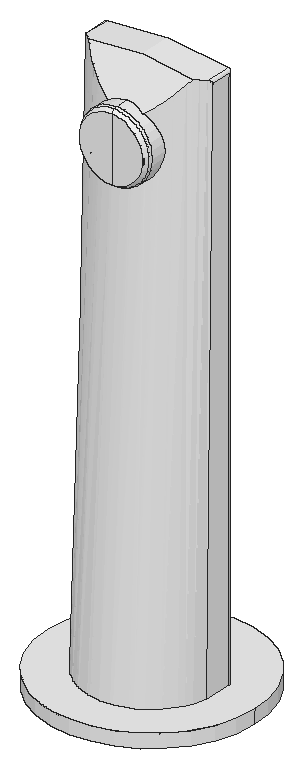
Revit family "Spout-GROHE-Lineare-13381_Series", category Plumbing Fixtures, host Face, Revit 2014
Parameters (values of type "13381001")
  Width = 2 3/4"  # constant formula
  Waste Connection = no
  Warranty Documentation Link = "https://cdn.cloud.grohe.com/tpi/1000/1900/1940/1949/1949006/original/1949006.pdf"
  Vent Connection = no
  URL = "https://www.grohe.us"
  Type Comments = ""
  Tempered Connection Radius = Tempered Connection Diameter / 2  # 1/4"
  Tempered Connection Diameter = Hot Water Connection Diameter  # 1/2"
  Product Page URL = "https://www.grohe.us/en_us/lineare-tub-spout-13381001.html"
  Price = "Prices may vary. Please consult Manufacturer Representative for most up-to-date price list."  # constant formula
  Model = "13381001"
  Material = "Metal-Grohe-001-Chrome"
  Manufacturer = "Grohe"
  Length = 6 11/16"  # constant formula
  Installation Type = "Wall Mounted"
  Hot Water Connection Radius = Hot Water Connection Diameter / 2  # 1/4"
  Hot Water Connection Diameter = Cold Water Connection Diameter  # 1/2"
  Height = 2 3/4"  # constant formula
  Flow Rate = ""
  Finish = Metal-Grohe-001-Chrome
  Description = "Lineare Tub Spout"
  Default Elevation = 21"  # constant formula
  Creation Date = "05/28/2018"  # constant formula
  Cold Water Connection Radius = 1/4"  # constant formula
  Cold Water Connection Diameter = Cold Water Connection Radius * 2  # 1/2"
  Assembly Code = "D2020300"
Types (3): name | Product Page URL | Model | Material | Finish | Description
  (no name) | "https://www.grohe.us/en_us/lineare-tub-spout-13381001.html" | "13381001" | "Metal-Grohe-001-Chrome" | Metal-Grohe-001-Chrome | "Lineare Tub Spout"
  13381001 | "https://www.grohe.us/en_us/lineare-tub-spout-13381001.html" | "13381001" | "Metal-Grohe-001-Chrome" | Metal-Grohe-001-Chrome | "Lineare Tub Spout"
  13381EN1 | "https://www.grohe.us/en_us/lineare-tub-spout-13381EN1.html" | "13381EN1" | "Metal-Grohe-EN1-Brushed Nickel" | Metal-Grohe-EN1-Brushed Nickel | "Lineare Diverter Tub Spout"
Reference planes (in)
  plane 1 "Center (Front/Back)": y = 0
  plane 2: z = 0
  plane 3 "Center (Left/Right)": x = 0
  plane 4: x = 1.375
  plane 5: x = -1.375
  plane 6: x = 0.83129
  plane 7: z = 4.4375
  plane 8: z = 5.81405
  plane 9: y = 0.15953
  plane 10: z = 6.6875
  plane 11: y = -1.07744
  plane 12: y = 1.67256
  plane 13: y = 0.56858
  plane 14: y = -0.57744
  plane 15: y = -0.10912
  plane 16: y = 0.15953
  plane 17: z = 7.6004
Forms (in)
  Extrusion 1, void
    sketch origin (0, 0.01591, 1.79009) x (1, 0, 0) y (0, 0, 1)
      loop
        arc (0.8074, 5.7391) -> (0.83519, 5.72302) -> (0.84616, 5.69284) r 0.04698
        line (0.84616, 5.69284) -> (0.84616, 5.48204) -> (0.93803, 5.48204) -> (0.93803, 6.29264) -> (-0.9597, 6.29264) -> (-0.9597, 5.48204) -> (-0.84616, 5.48204) -> (-0.84616, 5.69293)
        arc (-0.84616, 5.69293) -> (-0.83521, 5.72304) -> (-0.80749, 5.73908) r 0.04688
        arc (-0.80749, 5.73908) -> (-0.00005, 5.81031) -> (0.8074, 5.7391) r 4.61299
    from -0.84357 to 0.93159
  Revolve 2, solid, material "Metal-Grohe-001-Chrome" <- "Finish"
    sketch origin (0, 0, -0.00541) x (0, 1, 0) y (0, 0, 1)
      loop
        line (-0.01466, 6.69291) -> (-0.01466, 7.16176) -> (-0.27945, 7.16176)
        arc (-0.27945, 7.16176) -> (-0.29973, 7.15909) -> (-0.31863, 7.15126) r 0.07836
        line (-0.31863, 7.15126) -> (-0.37509, 7.11866) -> (-0.37509, 6.69291) -> (-0.01466, 6.69291)
      axis (-0.01466, 6.69291) -> (-0.37509, 6.69291)
    angle from 0 to 360
  Extrusion 3, solid, material "Metal-Grohe-001-Chrome" <- "Finish"
    sketch origin (0, 0.13803, 0) x (1, 0, 0) y (0, 1, 0)
      loop
        circle (0, 0.15953) r 1.375
    from 0 to 0.18028
  Blend 4, solid, material "Metal-Grohe-001-Chrome" <- "Finish"
    base sketch origin (0, 0, 0) x (1, 0, 0) y (0, 1, 0)
      loop
        arc (-0.80982, 0.56858) -> (-0.83551, 0.55794) -> (-0.84616, 0.53225) r 0.03633
        line (-0.84616, 0.53225) -> (-0.84616, 0.15953)
        arc (-0.84616, 0.15953) -> (0, -0.57462) -> (0.84616, 0.15953) r 0.8547
        line (0.84616, 0.15953) -> (0.84616, 0.53225)
        arc (0.84616, 0.53225) -> (0.83551, 0.55794) -> (0.80982, 0.56858) r 0.03633
        line (0.80982, 0.56858) -> (-0.80982, 0.56858)
    top sketch origin (0, 0, 0) x (1, 0, 0) y (0, 1, 0)
      loop
        line (-0.84616, 0.53225) -> (-0.84616, 0.2696)
        arc (-0.84616, 0.2696) -> (0, -0.10912) -> (0.84616, 0.2696) r 1.13463
        line (0.84616, 0.2696) -> (0.84616, 0.53225)
        arc (0.84616, 0.53225) -> (0.83551, 0.55794) -> (0.80982, 0.56858) r 0.03633
        line (0.80982, 0.56858) -> (-0.80982, 0.56858)
        arc (-0.80982, 0.56858) -> (-0.83551, 0.55794) -> (-0.84616, 0.53225) r 0.03633
    from 0 to 8.04684
  Extrusion 5, void
    sketch origin (0, 0, 0) x (0, 1, 0) y (0, 0, 1)
      loop
        line (0.22454, 7.70224) -> (-0.42083, 7.67911) -> (-0.42083, 5.92911)
        arc (-0.42083, 5.92911) -> (-0.23197, 6.86439) -> (0.22454, 7.70224) r 3.1962
    from -1.69686 to 1.85719
Cuts and joins
  Extrusion 1, Extrusion 5 cuts Blend 4
  joined: Revolve 2, Extrusion 3, Blend 4
Lines and regions (in)
  Masking region 1
    outline origin (0, 0, 0) x (1, 0, 0) y (0, 0, 1)
      loop
        line (-1.375, 0) -> (1.375, 0) -> (1.375, 0.18028) -> (0.84616, 0.18028) -> (0.84616, 7.48294)
        arc (0.84616, 7.48294) -> (0.83519, 7.51311) -> (0.8074, 7.52919) r 0.04698
        arc (0.8074, 7.52919) -> (-0.00005, 7.6004) -> (-0.80749, 7.52918) r 4.61299
        arc (-0.80749, 7.52918) -> (-0.83521, 7.51313) -> (-0.84616, 7.48303) r 0.04688
        line (-0.84616, 7.48303) -> (-0.84616, 0.18028) -> (-1.375, 0.18028) -> (-1.375, 0)
  symbolic lines, detail levels medium+fine
    curve 1: line (0.84623, 0, 0.18028) -> (-0.84623, 0, 0.18028)
Dimensions and locks (in)
  aligned and locked: plane 2 to host face
  aligned and locked: level to host face
Connectors (in)
  piping at (0, 0.29756, 0), diameter 0.5, driven by "Tempered Connection Diameter"
    settings: on cut or joined group of Extrusion 1, Revolve 2, Extrusion 3, Blend 4, Extrusion 5, index 1, connector inside diameter 24", connector length 0", flow factor 0, pipe flow 0 GPM, pressure drop 0.00 psi, fitting loss kfactor 0, connector angle 0.00°, fixture units 0, engagement length 0", angle of deflection 0.00°, flow configuration 0, flow direction 1, fitting loss method 0, system type 29, joint type 0, gender type 0, connector reference index -1, connector utility 0, adjustable connector no, is connector primary yes, connector description "1/2\" NPT Supply Inlet"
